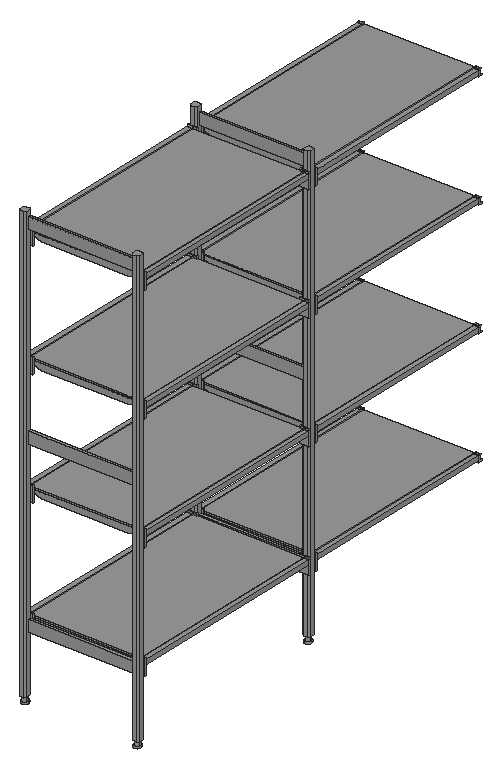
Revit family "QF_ZANUSSI_137080_CLS1664", category Attrezzature speciali, Revit 2020
Family settings
  Quota connettore circolare = Usa diametro
  Tipo di parte = Normale
  Basato su piano di lavoro = No
  Sempre verticale = Sì
  Taglio con vuoti quando caricato = No
  Condiviso = No
  Punto di calcolo locali = No
Parameters (values of type "Standard")
  Weight = 31.00 kg
  Watts = 0 W
  Volts = 0 V
  URL Manufacturer = "http://www.zanussiprofessional.com"
  URL = "http://www.zanussiprofessional.com"
  Steam Supply Size = 0 mm
  Steam Supply Minimum Pressure = 0.0 Pa
  Steam Supply Maximum Pressure = 0.0 Pa
  Steam Consumption per Hour = 0
  Refrigeration Suction Line Size = 0.0 mm
  Refrigeration Liquid Line Size = 0.0 mm
  Refrigerant Compressor Remote = yes
  Prospetto di default = 0.0 mm
  Phase = 0
  Modello = "CLS1664"
  Produttore = "Zanussi"
  Length Actual = 1668.0 mm  # constant formula
  Item Number = "137080"
  Hot Water Size = 0 mm
  Height Actual = 1700.0 mm  # constant formula
  HP = "0 HP"
  Gas Size = 0 mm
  Gas KW = 0
  Gas Input Pressure = 0 W
  Direct Waste Size = 0 mm
  Descrizione = "ALUM.CORNER SHELV.-POLY.TIERS-475X1668MM"
  Depth Actual = 475.0 mm  # constant formula
  Cycle = 0 Hz
  Condensate Return Size = 0 mm
  Compressed Air Volume = 0.0 L/s
  Compressed Air Size = 0 mm
  Compressed Air Pressure = 0.0 Pa
  Cold Water Size = 0 mm
  Accessory = yes
Reference planes
  plane 1: z = 0
  plane 2 "CenterLeft": y = -535.5
  plane 3 "FRONT": y = -921.5
  plane 4 "LEFT": x = 192.5
  plane 5 "RIGHT": x = 667.5
  plane 6 "TOP": z = 1700
  plane 7: y = -889.5
  plane 8: y = -91.5
  plane 9 "Center (Left/Back)": x = 430
  plane 10: x = 256
  plane 11: x = 668
  plane 12 "FEET": z = 25
  plane 13: z = 275
  plane 14: z = 725
  plane 15: z = 1175
  plane 16: z = 1625
  plane 17 "CXLeft": y = -907.5
  plane 18 "Center (Front/Back)": y = -73.5
  plane 19 "CYFront": x = 510
  plane 20: y = 742.5
  plane 21: y = -55.5
  plane 22 "BACK": y = 746.5
  plane 23 "LEFT_ORIGIN": x = 158.5
  plane 24 "BACK_ORIGIN": y = 1221.5
Forms (mm)
  Extrusion 1, solid, material "QF_Aluminum"
    sketch origin (38.022, -921.5, -4.006) x (-1, 0, 0) y (0, 0, 1)
      loop
        line (-189.5, 1637.003) -> (-173.5, 1637.003) -> (-173.5, 1655) -> (-175.493, 1655) -> (-175.493, 1648.501) -> (-608.5, 1648.501) -> (-608.5, 1655) -> (-610.5, 1655) -> (-610.5, 1637.003) -> (-594.5, 1637.003) -> (-560.5, 1625) -> (-223.5, 1625) -> (-189.5, 1637.003)
      loop
        line (-189.5, 1187.003) -> (-173.5, 1187.003) -> (-173.5, 1205) -> (-175.493, 1205) -> (-175.493, 1198.501) -> (-608.5, 1198.501) -> (-608.5, 1205) -> (-610.5, 1205) -> (-610.5, 1187.003) -> (-594.5, 1187.003) -> (-560.5, 1175) -> (-223.5, 1175) -> (-189.5, 1187.003)
      loop
        line (-189.5, 737.003) -> (-173.5, 737.003) -> (-173.5, 755) -> (-175.493, 755) -> (-175.493, 748.501) -> (-608.5, 748.501) -> (-608.5, 755) -> (-610.5, 755) -> (-610.5, 737.003) -> (-594.5, 737.003) -> (-560.5, 725) -> (-223.5, 725) -> (-189.5, 737.003)
      loop
        line (-189.5, 287.003) -> (-173.5, 287.003) -> (-173.5, 305) -> (-175.493, 305) -> (-175.493, 298.501) -> (-608.5, 298.501) -> (-608.5, 305) -> (-610.5, 305) -> (-610.5, 287.003) -> (-594.5, 287.003) -> (-560.5, 275) -> (-223.5, 275) -> (-189.5, 287.003)
    from 37 to 32
  Extrusion 2, solid, material "QF_Aluminum"
    sketch origin (38.022, -921.5, 0) x (-1, 0, 0) y (0, 0, 1)
      loop
        line (-154.478, 246.005) -> (-154.478, 307.993) -> (-190.471, 307.993) -> (-190.471, 246.005) -> (-154.478, 246.005)
      loop
        line (-593.484, 246.005) -> (-593.484, 307.993) -> (-629.478, 307.993) -> (-629.478, 246.005) -> (-593.484, 246.005)
      loop
        line (-154.478, 696.005) -> (-154.478, 757.993) -> (-190.471, 757.993) -> (-190.471, 696.005) -> (-154.478, 696.005)
      loop
        line (-593.484, 696.005) -> (-593.484, 757.993) -> (-629.478, 757.993) -> (-629.478, 696.005) -> (-593.484, 696.005)
      loop
        line (-154.478, 1146.005) -> (-154.478, 1207.993) -> (-190.471, 1207.993) -> (-190.471, 1146.005) -> (-154.478, 1146.005)
      loop
        line (-593.484, 1146.005) -> (-593.484, 1207.993) -> (-629.478, 1207.993) -> (-629.478, 1146.005) -> (-593.484, 1146.005)
      loop
        line (-154.478, 1596.005) -> (-154.478, 1657.993) -> (-190.471, 1657.993) -> (-190.471, 1596.005) -> (-154.478, 1596.005)
      loop
        line (-593.484, 1596.005) -> (-593.484, 1657.993) -> (-629.478, 1657.993) -> (-629.478, 1596.005) -> (-593.484, 1596.005)
    from 28 to 32
  Extrusion 3, solid, material "QF_Aluminum"
    sketch origin (38.022, -921.5, 0) x (-1, 0, 0) y (0, 0, 1)
      loop
        line (-154.5, 1650.994) -> (-173.5, 1650.994) -> (-173.5, 1632.998) -> (-154.5, 1632.998) -> (-154.5, 1650.994)
      loop
        line (-154.5, 1200.994) -> (-173.5, 1200.994) -> (-173.5, 1182.998) -> (-154.5, 1182.998) -> (-154.5, 1200.994)
      loop
        line (-154.5, 750.994) -> (-173.5, 750.994) -> (-173.5, 732.998) -> (-154.5, 732.998) -> (-154.5, 750.994)
      loop
        line (-154.5, 300.994) -> (-173.5, 300.994) -> (-173.5, 282.998) -> (-154.5, 282.998) -> (-154.5, 300.994)
      loop
        line (-629.455, 1650.994) -> (-629.455, 1632.998) -> (-610.455, 1632.998) -> (-610.455, 1650.994) -> (-629.455, 1650.994)
      loop
        line (-629.455, 1200.994) -> (-629.455, 1182.998) -> (-610.455, 1182.998) -> (-610.455, 1200.994) -> (-629.455, 1200.994)
      loop
        line (-629.455, 750.994) -> (-629.455, 732.998) -> (-610.455, 732.998) -> (-610.455, 750.994) -> (-629.455, 750.994)
      loop
        line (-629.455, 300.994) -> (-629.455, 282.998) -> (-610.455, 282.998) -> (-610.455, 300.994) -> (-629.455, 300.994)
    from 32 to 830
  Extrusion 4, solid, material "QF_Polyethylene"
    sketch origin (38.022, -921.5, 0) x (-1, 0, 0) y (0, 0, 1)
      loop
        line (-175.493, 1650.994) -> (-608.5, 1650.994) -> (-608.5, 1644.496) -> (-175.493, 1644.496) -> (-175.493, 1650.994)
      loop
        line (-175.493, 1200.994) -> (-608.5, 1200.994) -> (-608.5, 1194.496) -> (-175.493, 1194.496) -> (-175.493, 1200.994)
      loop
        line (-175.493, 750.994) -> (-608.5, 750.994) -> (-608.5, 744.496) -> (-175.493, 744.496) -> (-175.493, 750.994)
      loop
        line (-175.493, 300.994) -> (-608.5, 300.994) -> (-608.5, 294.496) -> (-175.493, 294.496) -> (-175.493, 300.994)
    from 32 to 830
  Extrusion 5, solid, material "QF_Aluminum"
    sketch origin (38.022, 684.5, 0) x (-1, 0, 0) y (0, 0, 1)
      loop
        line (-154.5, 1650.994) -> (-173.5, 1650.994) -> (-173.5, 1632.998) -> (-154.5, 1632.998) -> (-154.5, 1650.994)
      loop
        line (-610.455, 1650.994) -> (-629.455, 1650.994) -> (-629.455, 1632.998) -> (-610.455, 1632.998) -> (-610.455, 1650.994)
      loop
        line (-154.5, 1200.994) -> (-173.5, 1200.994) -> (-173.5, 1182.998) -> (-154.5, 1182.998) -> (-154.5, 1200.994)
      loop
        line (-610.455, 1200.994) -> (-629.455, 1200.994) -> (-629.455, 1182.998) -> (-610.455, 1182.998) -> (-610.455, 1200.994)
      loop
        line (-154.5, 750.994) -> (-173.5, 750.994) -> (-173.5, 732.998) -> (-154.5, 732.998) -> (-154.5, 750.994)
      loop
        line (-610.455, 750.994) -> (-629.455, 750.994) -> (-629.455, 732.998) -> (-610.455, 732.998) -> (-610.455, 750.994)
      loop
        line (-154.5, 300.994) -> (-173.5, 300.994) -> (-173.5, 282.998) -> (-154.5, 282.998) -> (-154.5, 300.994)
      loop
        line (-610.455, 300.994) -> (-629.455, 300.994) -> (-629.455, 282.998) -> (-610.455, 282.998) -> (-610.455, 300.994)
    from 58 to -740
  Extrusion 6, solid, material "QF_Polyethylene"
    sketch origin (38.022, 684.5, 0) x (-1, 0, 0) y (0, 0, 1)
      loop
        line (-175.493, 1650.994) -> (-608.5, 1650.994) -> (-608.5, 1644.496) -> (-175.493, 1644.496) -> (-175.493, 1650.994)
      loop
        line (-175.493, 1200.994) -> (-608.5, 1200.994) -> (-608.5, 1194.496) -> (-175.493, 1194.496) -> (-175.493, 1200.994)
      loop
        line (-175.493, 750.994) -> (-608.5, 750.994) -> (-608.5, 744.496) -> (-175.493, 744.496) -> (-175.493, 750.994)
      loop
        line (-175.493, 300.994) -> (-608.5, 300.994) -> (-608.5, 294.496) -> (-175.493, 294.496) -> (-175.493, 300.994)
    from 58 to -740
Lines and regions (mm)
  symbolic lines
    curve 1: line (256, -912.5, 1700) -> (668, -912.5, 1700)
    curve 2: line (668, -902.5, 1700) -> (256, -902.5, 1700)
    curve 3: line (192.5, -893.5, 1700) -> (192.5, -87.5, 1700)
    curve 4: line (667.5, -889.5, 1700) -> (667.5, -91.5, 1700)
    curve 5: line (192.5, -59.5, 1700) -> (192.5, 746.5, 1700)
    curve 6: line (667.5, -59.5, 1700) -> (667.5, 746.5, 1700)
    curve 7: line (648.478, -91.5, 1700) -> (648.478, -889.5, 1700)
    curve 8: line (211.522, -889.5, 1700) -> (211.522, -91.5, 1700)
    curve 9: line (211.522, -55.5, 1700) -> (211.522, 742.5, 1700)
    curve 10: line (648.478, 742.5, 1700) -> (648.478, -55.5, 1700)
Dimensions and locks
  plane 3 "FRONT" to plane 2 "CenterLeft" = 386.0 mm
  locked: plane 6 "TOP" to level at 1700
  locked: plane 7 to plane 8 at 798
  locked: plane 10 to plane 11 at 412
  plane 10 to plane 9 "Center (Left/Back)" to plane 11 = 174.0 mm, 238.0 mm
  equal spacing: plane 4 "LEFT", plane 9 "Center (Left/Back)", plane 5 "RIGHT"
  plane 12 "FEET" to level = 25.0 mm
  plane 6 "TOP" to plane 12 "FEET" = 1675.0 mm
  plane 13 to plane 12 "FEET" = 250.0 mm
  plane 14 to plane 13 = 450.0 mm
  plane 15 to plane 14 = 450.0 mm
  plane 16 to plane 15 = 450.0 mm
  locked: plane 21 to plane 20 at 798
  locked: plane 8 to plane 18 "Center (Front/Back)" at 18
  locked: plane 18 "Center (Front/Back)" to plane 21 at 18
  locked: plane 3 "FRONT" to plane 7 at 32
  locked: plane 4 "LEFT" to plane 5 "RIGHT" at 475
  locked: plane 23 "LEFT_ORIGIN" to plane 5 "RIGHT" at 509
  locked: plane 22 "BACK" to plane 24 "BACK_ORIGIN" at 475
  locked: plane 22 "BACK" to plane 3 "FRONT" at 1668
  aligned and locked: level to plane 1
  aligned and locked: Extrusion 1 to plane 7
  aligned and locked: plane 7 to Extrusion 2
  aligned and locked: Extrusion 4 to plane 7
  aligned and locked: plane 8 to Extrusion 4
  aligned and locked: Extrusion 3 to plane 7
  aligned and locked: plane 8 to Extrusion 3
  aligned and locked: Extrusion 1 sketch curve to Extrusion 1 sketch curve  (x3)
  aligned and locked: Extrusion 5 sketch curve to Extrusion 5 sketch curve  (x2)
  aligned and locked: Extrusion 5 to plane 21  (x5)
  aligned and locked: Extrusion 6 to plane 21  (x5)
  aligned and locked: nested 2 to plane 18 "Center (Front/Back)"
  aligned and locked: plane 17 "CXLeft" to nested 1
  aligned and locked: plane 7 to Extrusion 3  (x3)
  aligned and locked: Extrusion 3 to plane 8  (x4)
  aligned and locked: Extrusion 4 to plane 8  (x4)
  aligned and locked: plane 20 to Extrusion 5
  aligned and locked: plane 20 to Extrusion 6
  aligned and locked: Extrusion 5 to plane 20  (x3)
  aligned and locked: Extrusion 6 to plane 20  (x3)
  aligned and locked: plane 9 "Center (Left/Back)" to nested 2
  aligned and locked: nested 3 to plane 22 "BACK"
Automatic sketch dimensions
  Extrusion 1 sketch curve to plane 19 "CYFront" = 138.522 mm  (x4)
  plane 11 to Extrusion 1 sketch curve = 35.478 mm  (x4)
  Extrusion 1 sketch curve to plane 13 = 4.006 mm
  Extrusion 1 sketch curve to Extrusion 1 sketch curve = 34.0 mm  (x4)
  Extrusion 1 sketch curve to plane 14 = 4.006 mm
  Extrusion 1 sketch curve to plane 15 = 4.006 mm
  Extrusion 1 sketch curve to plane 16 = 4.006 mm
  Extrusion 1 sketch curve to plane 10 = 5.522 mm  (x4)
  plane 10 to Extrusion 1 sketch curve = 28.478 mm  (x4)
  plane 13 to Extrusion 1 sketch curve = 7.998 mm  (x2)
  Extrusion 1 sketch curve to Extrusion 1 sketch curve = 11.498 mm  (x4)
  Extrusion 1 sketch curve to Extrusion 1 sketch curve = 6.499 mm  (x8)
  plane 14 to Extrusion 1 sketch curve = 7.998 mm  (x2)
  plane 15 to Extrusion 1 sketch curve = 7.998 mm  (x2)
  plane 16 to Extrusion 1 sketch curve = 7.998 mm  (x2)
  plane 5 "RIGHT" to Extrusion 2 sketch curve = 35.993 mm  (x4)
  Extrusion 2 sketch curve to plane 4 "LEFT" = 0.0 mm  (x4)
  plane 11 to Extrusion 2 sketch curve = 0.5 mm  (x4)
  plane 10 to Extrusion 2 sketch curve = 27.507 mm  (x4)
  Extrusion 2 sketch curve to plane 13 = 28.995 mm  (x2)
  plane 13 to Extrusion 2 sketch curve = 32.993 mm  (x2)
  Extrusion 2 sketch curve to plane 14 = 28.995 mm  (x2)
  plane 14 to Extrusion 2 sketch curve = 32.993 mm  (x2)
  Extrusion 2 sketch curve to plane 15 = 28.995 mm  (x2)
  plane 15 to Extrusion 2 sketch curve = 32.993 mm  (x2)
  Extrusion 2 sketch curve to plane 16 = 28.995 mm  (x2)
  plane 16 to Extrusion 2 sketch curve = 32.993 mm  (x2)
  plane 13 to Extrusion 4 sketch curve = 19.496 mm
  Extrusion 4 sketch curve to Extrusion 4 sketch curve = 6.499 mm  (x4)
  plane 14 to Extrusion 4 sketch curve = 19.496 mm
  plane 15 to Extrusion 4 sketch curve = 19.496 mm
  plane 16 to Extrusion 4 sketch curve = 19.496 mm
  plane 5 "RIGHT" to Extrusion 5 sketch curve = 0.022 mm  (x4)
  Extrusion 5 sketch curve to plane 4 "LEFT" = 19.022 mm  (x4)
  Extrusion 5 sketch curve to plane 19 "CYFront" = 138.478 mm  (x2)
  plane 13 to Extrusion 5 sketch curve = 7.998 mm  (x2)
  Extrusion 5 sketch curve to Extrusion 5 sketch curve = 17.997 mm  (x8)
  plane 14 to Extrusion 5 sketch curve = 7.998 mm  (x2)
  plane 15 to Extrusion 5 sketch curve = 7.998 mm  (x2)
  plane 16 to Extrusion 5 sketch curve = 7.998 mm  (x2)
  Extrusion 6 sketch curve to plane 19 "CYFront" = 136.522 mm  (x4)
  plane 13 to Extrusion 6 sketch curve = 19.496 mm
  Extrusion 6 sketch curve to Extrusion 6 sketch curve = 6.499 mm  (x4)
  plane 14 to Extrusion 6 sketch curve = 19.496 mm
  plane 15 to Extrusion 6 sketch curve = 19.496 mm
  plane 16 to Extrusion 6 sketch curve = 19.496 mm
  plane 5 "RIGHT" to Extrusion 3 sketch curve = 0.022 mm  (x4)
  Extrusion 3 sketch curve to Extrusion 3 sketch curve = 19.0 mm  (x4)
  plane 14 to Extrusion 3 sketch curve = 7.998 mm  (x2)
  plane 10 to Extrusion 3 sketch curve = 44.478 mm  (x4)
  Extrusion 3 sketch curve to plane 4 "LEFT" = 0.022 mm  (x4)
  plane 13 to Extrusion 3 sketch curve = 25.994 mm  (x2)
  plane 13 to Extrusion 3 sketch curve = 7.998 mm  (x2)
  Extrusion 3 sketch curve to Extrusion 3 sketch curve = 17.997 mm  (x6)
  plane 15 to Extrusion 3 sketch curve = 7.998 mm  (x2)
  plane 16 to Extrusion 3 sketch curve = 7.998 mm  (x2)
  plane 10 to Extrusion 1 sketch curve = 42.484 mm  (x4)
  plane 10 to Extrusion 1 sketch curve = 44.478 mm  (x2)
  Extrusion 1 sketch curve to Extrusion 1 sketch curve = 1.993 mm  (x2)
  plane 10 to Extrusion 4 sketch curve = 42.484 mm  (x4)
  Extrusion 5 sketch curve to plane 4 "LEFT" = 0.022 mm  (x4)
  plane 10 to Extrusion 6 sketch curve = 42.484 mm  (x4)
  Extrusion 1 sketch curve to Extrusion 1 sketch curve = 2.0 mm
  plane 5 "RIGHT" to Extrusion 4 sketch curve = 20.978 mm  (x4)
  curve 1 to plane 11 = 0.0 mm
  curve 1 to plane 10 = 0.0 mm
  curve 2 to plane 10 = 0.0 mm
  curve 2 to plane 11 = 0.0 mm
  curve 3 to plane 4 "LEFT" = 0.0 mm
  curve 4 to plane 5 "RIGHT" = 0.0 mm
  plane 7 to curve 4 = 0.0 mm
  plane 7 to curve 8 = 0.0 mm
  plane 8 to curve 8 = 0.0 mm
  plane 8 to curve 7 = 0.0 mm
  plane 8 to curve 4 = 0.0 mm
  curve 5 to plane 4 "LEFT" = 0.0 mm
  curve 6 to plane 5 "RIGHT" = 0.0 mm
  plane 20 to curve 9 = 0.0 mm
  plane 22 "BACK" to curve 5 = 0.0 mm
  plane 22 "BACK" to curve 6 = 0.0 mm
  plane 7 to curve 3 = 4.0 mm
  plane 17 "CXLeft" to curve 2 = 5.0 mm
  curve 1 to plane 17 "CXLeft" = 5.0 mm
  curve 3 to plane 8 = 4.0 mm
  curve 6 to plane 21 = 4.0 mm
  curve 9 to plane 4 "LEFT" = 19.022 mm
  curve 8 to plane 4 "LEFT" = 19.022 mm
  curve 9 to plane 21 = 0.0 mm
  plane 21 to curve 10 = 0.0 mm
  curve 5 to plane 21 = 4.0 mm
  plane 7 to curve 7 = 0.0 mm
  curve 4 to curve 7 = 19.022 mm
  plane 20 to curve 10 = 0.0 mm
  plane 5 "RIGHT" to curve 10 = 19.022 mm
Nested families
  nested 1: "WT_Anta475" at (215.5, -504.5, 0) x (0, 1, 0) z (0, 0, 1), type "WT_Anta475"
  nested 2: "WT_Anta475Center" at (215.5, 329.5, 0) x (0, 1, 0) z (0, 0, 1), type "WT_Anta475Center"
  nested 3: "WT_Aggancio475" at (215.5, 1154.5, 0) x (0, 1, 0) z (0, 0, 1), type "WT_Aggancio475"
Definition of nested family "WT_Anta475"
  Parameters
    WidthLeft = A + 64.0 mm  # 772.0 mm
    Width = 1606.0 mm
    Right = WidthLeft / 2  # 386.0 mm
    Default Elevation = 0.0 mm
    Left = -WidthLeft / 2  # -386.0 mm
    Height = 1725.0 mm
    FEET = 25.0 mm
    E = 0.0 mm
    Dint = Depth - 63.0 mm  # 412.0 mm
    Dext = Depth - 8.0 mm  # 467.0 mm
    Depth = 475.0 mm
    DX = (WidthLeft - A) / 2  # 32.0 mm
    B = 798.0 mm
    A = 708.0 mm
  Reference planes
    plane 1: z = 0
    plane 2 "LEFT": x = -417
    plane 3 "BACK": y = 23
    plane 4 "FRONT": y = -452
    plane 5 "TOP": z = 1725
    plane 6 "Center (Front/Back)": y = -214.5
    plane 7: y = -8.5
    plane 8: y = -420.5
    plane 9 "FEET": z = 25
    plane 10: z = 275
    plane 11: z = 725
    plane 12: z = 1175
    plane 13: z = 1625
    plane 14 "CXLeft": x = -403
    plane 15: y = 5.5
    plane 16 "CYBack": y = 5.5
    plane 17 "CYFront": y = -434.5
    plane 18: x = -385.031
    plane 19: x = -380.031
  Forms (mm)
    Extrusion 1, solid
      sketch origin (0, 0, 0) x (1, 0, 0) y (0, 1, 0)
        loop
          line (-417, 13.246) -> (-417, -2.246) -> (-410.746, -8.5) -> (-395.254, -8.5) -> (-389, -2.246) -> (-389, 13.246) -> (-395.254, 19.5) -> (-410.746, 19.5) -> (-417, 13.246)
      from 1725 to 25
    Extrusion 2, solid
      sketch origin (-417, 0, 0) x (0, 1, 0) y (0, 0, 1)
        loop
          line (23, 246.005) -> (23, 307.993) -> (-12.993, 307.993) -> (-12.993, 246.005) -> (23, 246.005)
        loop
          line (-452, 246.005) -> (-416.007, 246.005) -> (-416.007, 307.993) -> (-452, 307.993) -> (-452, 246.005)
        loop
          line (23, 696.005) -> (23, 757.993) -> (-12.993, 757.993) -> (-12.993, 696.005) -> (23, 696.005)
        loop
          line (-452, 696.005) -> (-416.007, 696.005) -> (-416.007, 757.993) -> (-452, 757.993) -> (-452, 696.005)
        loop
          line (23, 1146.005) -> (23, 1207.993) -> (-12.993, 1207.993) -> (-12.993, 1146.005) -> (23, 1146.005)
        loop
          line (-452, 1146.005) -> (-416.007, 1146.005) -> (-416.007, 1207.993) -> (-452, 1207.993) -> (-452, 1146.005)
        loop
          line (23, 1596.005) -> (23, 1657.993) -> (-12.993, 1657.993) -> (-12.993, 1596.005) -> (23, 1596.005)
        loop
          line (-452, 1596.005) -> (-416.007, 1596.005) -> (-416.007, 1657.993) -> (-452, 1657.993) -> (-452, 1596.005)
      from 28 to 32
    Revolve 3, solid
      sketch origin (-403, 0, 0) x (0, 1, 0) y (0, 0, 1)
        loop
          line (5.5, 25) -> (5.5, 0) -> (19, 0) -> (19, 5) -> (14, 5) -> (14, 25) -> (5.5, 25)
        axis (5.5, 25) -> (5.5, 0)
      angle from 0 to 360
    Extrusion 4, solid
      sketch origin (-403, 0, 0) x (0, 1, 0) y (0, 0, 1)
        loop
          line (-8.5, 912.382) -> (-8.5, 957.374) -> (-420.5, 957.374) -> (-420.5, 912.382) -> (-8.5, 912.382)
        loop
          line (-8.5, 1662.244) -> (-8.5, 1707.236) -> (-420.5, 1707.236) -> (-420.5, 1662.244) -> (-8.5, 1662.244)
      from -5 to 5
    Revolve 5, solid
      sketch origin (-403, -627, 0) x (0, -1, 0) y (0, 0, 1)
        loop
          line (-192.5, 25) -> (-192.5, 0) -> (-179, 0) -> (-179, 5) -> (-184, 5) -> (-184, 25) -> (-192.5, 25)
        axis (-192.5, 25) -> (-192.5, 0)
      angle from 0 to 360
    Extrusion 6, solid
      sketch origin (0, -627, 0) x (1, 0, 0) y (0, 1, 0)
        loop
          line (-417, 184.754) -> (-410.746, 178.5) -> (-395.254, 178.5) -> (-389, 184.754) -> (-389, 200.246) -> (-395.254, 206.5) -> (-410.746, 206.5) -> (-417, 200.246) -> (-417, 184.754)
      from 1725 to 25
    Extrusion 7, solid
      sketch origin (-417.031, -0.022, 0) x (0, 1, 0) y (0, 0, -1)
        loop
          line (-12, -1632.998) -> (-46, -1620.994) -> (-383, -1620.994) -> (-417, -1632.998) -> (-433, -1632.998) -> (-433, -1650.994) -> (-431, -1650.994) -> (-431, -1644.496) -> (2.007, -1644.496) -> (2.007, -1650.994) -> (4, -1650.994) -> (4, -1632.998) -> (-12, -1632.998)
        loop
          line (-12, -1182.998) -> (-46, -1170.994) -> (-383, -1170.994) -> (-417, -1182.998) -> (-433, -1182.998) -> (-433, -1200.994) -> (-431, -1200.994) -> (-431, -1194.496) -> (2.007, -1194.496) -> (2.007, -1200.994) -> (4, -1200.994) -> (4, -1182.998) -> (-12, -1182.998)
        loop
          line (-12, -732.998) -> (-46, -720.994) -> (-383, -720.994) -> (-417, -732.998) -> (-433, -732.998) -> (-433, -750.994) -> (-431, -750.994) -> (-431, -744.496) -> (2.007, -744.496) -> (2.007, -750.994) -> (4, -750.994) -> (4, -732.998) -> (-12, -732.998)
        loop
          line (-12, -282.998) -> (-46, -270.994) -> (-383, -270.994) -> (-417, -282.998) -> (-433, -282.998) -> (-433, -300.994) -> (-431, -300.994) -> (-431, -294.496) -> (2.007, -294.496) -> (2.007, -300.994) -> (4, -300.994) -> (4, -282.998) -> (-12, -282.998)
      from -32 to -37
    Extrusion 8, solid
      sketch origin (-403, 0, -659.878) x (0, 1, 0) y (0, 0, 1)
        loop
          line (-8.5, 912.382) -> (-8.5, 957.374) -> (-420.5, 957.374) -> (-420.5, 912.382) -> (-8.5, 912.382)
        loop
          line (-8.5, 1572.382) -> (-8.5, 1617.374) -> (-420.5, 1617.374) -> (-420.5, 1572.382) -> (-8.5, 1572.382)
        loop
          line (-8.5, 2322.382) -> (-8.5, 2367.374) -> (-420.5, 2367.374) -> (-420.5, 2322.382) -> (-8.5, 2322.382)
      from -5 to 5
  Lines and regions (mm)
    symbolic lines
      curve 1: line (-408, -8.5, 1725) -> (-408, -420.5, 1725)
      curve 2: line (-398, -420.5, 1725) -> (-398, -8.5, 1725)
      curve 3: line (-395.254, -8.5, 1725) -> (-410.746, -8.5, 1725)
      curve 4: line (-417, -2.246, 1725) -> (-410.746, -8.5, 1725)
      curve 5: line (-417, 13.246, 1725) -> (-417, -2.246, 1725)
      curve 6: line (-410.746, 19.5, 1725) -> (-417, 13.246, 1725)
      curve 7: line (-395.254, 19.5, 1725) -> (-410.746, 19.5, 1725)
      curve 8: line (-389, 13.246, 1725) -> (-395.254, 19.5, 1725)
      curve 9: line (-395.254, -8.5, 1725) -> (-389, -2.246, 1725)
      curve 10: line (-395.254, -420.5, 1725) -> (-410.746, -420.5, 1725)
      curve 11: line (-417, -426.754, 1725) -> (-410.746, -420.5, 1725)
      curve 12: line (-410.746, -448.5, 1725) -> (-417, -442.246, 1725)
      curve 13: line (-395.254, -448.5, 1725) -> (-410.746, -448.5, 1725)
      curve 14: line (-389, -442.246, 1725) -> (-395.254, -448.5, 1725)
      curve 15: line (-395.254, -420.5, 1725) -> (-389, -426.754, 1725)
      curve 16: line (-389, -452, 1725) -> (-389, -416.007, 1725)
      curve 17: line (-389, -416.007, 1725) -> (-385, -416.007, 1725)
      curve 18: line (-389, 23, 1725) -> (-389, -12.993, 1725)
      curve 19: line (-389, -12.993, 1725) -> (-385, -12.993, 1725)
      curve 20: line (-417, -426.754, 1725) -> (-417, -442.246, 1725)
      curve 21: line (-385, -452, 1725) -> (-385, -416.007, 1725)
      curve 22: line (-385, -452, 1725) -> (-389, -452, 1725)
      curve 23: line (-385, 23, 1725) -> (-389, 23, 1725)
      curve 24: line (-385, -12.993, 1725) -> (-385, 23, 1725)
      curve 25: line (-385.031, -13.016, 1725) -> (-385.031, -416.029, 1725)
  Dimensions and locks
    "Height": plane 5 "TOP" to level
    "Depth": plane 3 "BACK" to plane 4 "FRONT"
    "Dint": plane 7 to plane 8
    equal spacing: plane 7, plane 6 "Center (Front/Back)", plane 8
    equal spacing: plane 3 "BACK", plane 6 "Center (Front/Back)", plane 4 "FRONT"
    plane 9 "FEET" to level = 25.0 mm
    plane 5 "TOP" to plane 9 "FEET" = 1700.0 mm
    plane 10 to plane 9 "FEET" = 250.0 mm
    plane 11 to plane 10 = 450.0 mm
    plane 12 to plane 11 = 450.0 mm
    plane 13 to plane 12 = 450.0 mm
    locked: plane 2 "LEFT" to plane 14 "CXLeft" at 14
    locked: plane 3 "BACK" to plane 16 "CYBack" at 17.5
    locked: plane 17 "CYFront" to plane 4 "FRONT" at 17.5
    locked: Revolve 3 sketch curve to Revolve 3 sketch curve at 8.5
    locked: Revolve 3 sketch curve to plane 16 "CYBack" at 13.5
    locked: Revolve 5 sketch curve to Revolve 5 sketch curve at 8.5
    aligned and locked: level to plane 1
    aligned and locked: curve 20 to Extrusion 6
    aligned and locked: plane 5 "TOP" to Extrusion 1
    aligned and locked: plane 5 "TOP" to Extrusion 6
    aligned and locked: Extrusion 7 sketch curve to Extrusion 7 sketch curve  (x3)
  Automatic sketch dimensions
    curve 16 to plane 4 "FRONT" = 0.0 mm
    curve 11 to plane 8 = 0.0 mm
    curve 9 to plane 7 = 0.0 mm
    curve 5 to plane 2 "LEFT" = 0.0 mm
    curve 23 to plane 3 "BACK" = 0.0 mm
    plane 4 "FRONT" to curve 13 = 3.5 mm
    curve 20 to plane 17 "CYFront" = 7.746 mm
    curve 20 to plane 8 = 6.254 mm
    plane 8 to curve 16 = 4.493 mm
    curve 24 to plane 18 = 0.031 mm
    curve 24 to plane 7 = 4.493 mm
    plane 7 to curve 5 = 6.254 mm
    curve 5 to plane 15 = 7.746 mm
    curve 6 to plane 3 "BACK" = 3.5 mm
    curve 21 to plane 18 = 0.031 mm
    plane 18 to curve 23 = 3.969 mm
    plane 18 to curve 16 = 3.969 mm
    curve 18 to curve 8 = 6.254 mm
    curve 18 to curve 3 = 6.254 mm
    curve 16 to curve 13 = 6.254 mm
    curve 16 to curve 15 = 6.254 mm
    plane 2 "LEFT" to curve 10 = 6.254 mm
    plane 2 "LEFT" to curve 7 = 6.254 mm
    plane 2 "LEFT" to curve 12 = 6.254 mm
    plane 2 "LEFT" to curve 3 = 6.254 mm
    curve 14 to plane 17 "CYFront" = 7.746 mm
    curve 15 to plane 8 = 6.254 mm
    plane 7 to curve 9 = 6.254 mm
    curve 8 to plane 15 = 7.746 mm
    curve 3 to curve 2 = 2.746 mm
    curve 1 to curve 10 = 2.746 mm
    Extrusion 1 sketch curve to plane 2 "LEFT" = 0.0 mm
    Extrusion 1 sketch curve to plane 7 = 0.0 mm
    plane 2 "LEFT" to Extrusion 1 sketch curve = 6.254 mm  (x2)
    plane 14 "CXLeft" to Extrusion 1 sketch curve = 7.746 mm  (x2)
    Extrusion 1 sketch curve to plane 3 "BACK" = 3.5 mm
    plane 18 to Extrusion 1 sketch curve = 3.969 mm
    plane 7 to Extrusion 1 sketch curve = 6.254 mm  (x2)
    Extrusion 1 sketch curve to plane 15 = 7.746 mm  (x2)
    Extrusion 2 sketch curve to plane 4 "FRONT" = 0.0 mm  (x4)
    Extrusion 2 sketch curve to plane 3 "BACK" = 0.0 mm  (x4)
    plane 8 to Extrusion 2 sketch curve = 4.493 mm  (x4)
    Extrusion 2 sketch curve to plane 7 = 4.493 mm  (x4)
    Extrusion 2 sketch curve to plane 10 = 28.995 mm  (x2)
    plane 10 to Extrusion 2 sketch curve = 32.993 mm  (x2)
    Extrusion 2 sketch curve to plane 11 = 28.995 mm  (x2)
    plane 11 to Extrusion 2 sketch curve = 32.993 mm  (x2)
    Extrusion 2 sketch curve to plane 12 = 28.995 mm  (x2)
    plane 12 to Extrusion 2 sketch curve = 32.993 mm  (x2)
    Extrusion 2 sketch curve to plane 13 = 28.995 mm  (x2)
    plane 13 to Extrusion 2 sketch curve = 32.993 mm  (x2)
    Revolve 3 sketch curve to plane 9 "FEET" = 0.0 mm  (x2)
    Revolve 3 sketch curve to plane 15 = 0.0 mm  (x2)
    Revolve 3 sketch curve to level = 0.0 mm
    level to Revolve 3 sketch curve = 5.0 mm
    Revolve 3 sketch curve to Revolve 3 sketch curve = 11.655 mm
    Extrusion 4 sketch curve to plane 8 = 0.0 mm  (x2)
    Extrusion 4 sketch curve to plane 7 = 0.0 mm  (x2)
    plane 11 to Extrusion 4 sketch curve = 187.382 mm
    Extrusion 4 sketch curve to Extrusion 4 sketch curve = 44.992 mm
    plane 13 to Extrusion 4 sketch curve = 37.244 mm
    Extrusion 4 sketch curve to plane 5 "TOP" = 17.764 mm
    Revolve 5 sketch curve to plane 9 "FEET" = 0.0 mm  (x2)
    Revolve 5 sketch curve to plane 17 "CYFront" = 0.0 mm  (x2)
    Revolve 5 sketch curve to level = 0.0 mm
    Revolve 5 sketch curve to plane 4 "FRONT" = 4.0 mm
    Revolve 5 sketch curve to Revolve 5 sketch curve = 5.0 mm
    level to Revolve 5 sketch curve = 11.655 mm
    Extrusion 6 sketch curve to plane 2 "LEFT" = 0.0 mm
    Extrusion 6 sketch curve to plane 8 = 0.0 mm
    Extrusion 6 sketch curve to plane 2 "LEFT" = 6.254 mm  (x2)
    Extrusion 6 sketch curve to plane 14 "CXLeft" = 7.746 mm  (x2)
    Extrusion 6 sketch curve to plane 4 "FRONT" = 3.5 mm
    Extrusion 6 sketch curve to plane 18 = 3.969 mm
    plane 8 to Extrusion 6 sketch curve = 6.254 mm  (x2)
    plane 17 "CYFront" to Extrusion 6 sketch curve = 7.746 mm  (x2)
    plane 17 "CYFront" to Extrusion 7 sketch curve = 1.478 mm  (x4)
    Extrusion 7 sketch curve to Extrusion 7 sketch curve = 2.0 mm
    plane 8 to Extrusion 7 sketch curve = 3.478 mm  (x4)
    Extrusion 7 sketch curve to plane 10 = 4.006 mm
    Extrusion 7 sketch curve to Extrusion 7 sketch curve = 34.0 mm  (x4)
    Extrusion 7 sketch curve to plane 11 = 4.006 mm
    Extrusion 7 sketch curve to plane 12 = 4.006 mm
    Extrusion 7 sketch curve to plane 13 = 4.006 mm
    Extrusion 7 sketch curve to plane 7 = 37.522 mm  (x4)
    Extrusion 7 sketch curve to plane 7 = 3.522 mm  (x4)
    plane 15 to Extrusion 7 sketch curve = 3.516 mm  (x4)
    plane 15 to Extrusion 7 sketch curve = 1.522 mm  (x4)
    plane 13 to Extrusion 7 sketch curve = 7.998 mm  (x2)
    Extrusion 7 sketch curve to Extrusion 7 sketch curve = 11.498 mm
    Extrusion 7 sketch curve to Extrusion 7 sketch curve = 6.499 mm  (x5)
    plane 12 to Extrusion 7 sketch curve = 25.994 mm  (x2)
    plane 12 to Extrusion 7 sketch curve = 7.998 mm  (x2)
    plane 11 to Extrusion 7 sketch curve = 25.994 mm  (x2)
    plane 11 to Extrusion 7 sketch curve = 7.998 mm  (x2)
    plane 10 to Extrusion 7 sketch curve = 25.994 mm  (x2)
    plane 10 to Extrusion 7 sketch curve = 7.998 mm  (x2)
    curve 25 to plane 18 = 0.0 mm
    plane 8 to curve 25 = 4.471 mm
    curve 25 to plane 7 = 4.516 mm
    Extrusion 8 sketch curve to plane 8 = 0.0 mm  (x3)
    Extrusion 8 sketch curve to plane 7 = 0.0 mm  (x3)
    Extrusion 8 sketch curve to plane 10 = 22.496 mm
    plane 10 to Extrusion 8 sketch curve = 22.496 mm
    plane 11 to Extrusion 8 sketch curve = 187.504 mm
    Extrusion 8 sketch curve to Extrusion 8 sketch curve = 44.992 mm
    plane 13 to Extrusion 8 sketch curve = 37.504 mm
    Extrusion 8 sketch curve to plane 5 "TOP" = 17.504 mm
Definition of nested family "WT_Anta475Center"
  Parameters
    WidthLeft = A + 64.0 mm  # 772.0 mm
    Width = 1606.0 mm
    Right = WidthLeft / 2  # 386.0 mm
    Default Elevation = 0.0 mm
    Left = -WidthLeft / 2  # -386.0 mm
    Height = 1725.0 mm
    FEET = 25.0 mm
    E = 0.0 mm
    Dint = Depth - 63.0 mm  # 412.0 mm
    Dext = Depth - 8.0 mm  # 467.0 mm
    Depth = 475.0 mm
    DX = (WidthLeft - A) / 2  # 32.0 mm
    B = 798.0 mm
    A = 708.0 mm
  Reference planes
    plane 1: z = 0
    plane 2 "L": x = -417
    plane 3 "BACK": y = 23
    plane 4 "FRONT": y = -452
    plane 5 "TOP": z = 1725
    plane 6 "Center (Front/Back)": y = -214.5
    plane 7: y = -8.5
    plane 8: y = -420.5
    plane 9 "FEET": z = 25
    plane 10: z = 275
    plane 11: z = 725
    plane 12: z = 1175
    plane 13: z = 1625
    plane 14 "CXLeft": x = -403
    plane 15: y = 5.5
    plane 16 "CYBack": y = 5.5
    plane 17 "CYFront": y = -434.5
    plane 18: x = -385.031
    plane 19 "RIGHT": x = -380.031
    plane 20: x = -420.969
    plane 21 "LEFT": x = -425.969
  Forms (mm)
    Extrusion 1, solid
      sketch origin (0, 0, 0) x (1, 0, 0) y (0, 1, 0)
        loop
          line (-417, 13.246) -> (-417, -2.246) -> (-410.746, -8.5) -> (-395.254, -8.5) -> (-389, -2.246) -> (-389, 13.246) -> (-395.254, 19.5) -> (-410.746, 19.5) -> (-417, 13.246)
      from 1725 to 25
    Extrusion 2, solid
      sketch origin (-417, 0, 0) x (0, 1, 0) y (0, 0, 1)
        loop
          line (23, 246.005) -> (23, 307.993) -> (-12.993, 307.993) -> (-12.993, 246.005) -> (23, 246.005)
        loop
          line (-452, 246.005) -> (-416.007, 246.005) -> (-416.007, 307.993) -> (-452, 307.993) -> (-452, 246.005)
        loop
          line (23, 696.005) -> (23, 757.993) -> (-12.993, 757.993) -> (-12.993, 696.005) -> (23, 696.005)
        loop
          line (-452, 696.005) -> (-416.007, 696.005) -> (-416.007, 757.993) -> (-452, 757.993) -> (-452, 696.005)
        loop
          line (23, 1146.005) -> (23, 1207.993) -> (-12.993, 1207.993) -> (-12.993, 1146.005) -> (23, 1146.005)
        loop
          line (-452, 1146.005) -> (-416.007, 1146.005) -> (-416.007, 1207.993) -> (-452, 1207.993) -> (-452, 1146.005)
        loop
          line (23, 1596.005) -> (23, 1657.993) -> (-12.993, 1657.993) -> (-12.993, 1596.005) -> (23, 1596.005)
        loop
          line (-452, 1596.005) -> (-416.007, 1596.005) -> (-416.007, 1657.993) -> (-452, 1657.993) -> (-452, 1596.005)
      from 28 to 32
    Revolve 3, solid
      sketch origin (-403, 0, 0) x (0, 1, 0) y (0, 0, 1)
        loop
          line (5.5, 25) -> (5.5, 0) -> (19, 0) -> (19, 5) -> (14, 5) -> (14, 25) -> (5.5, 25)
        axis (5.5, 25) -> (5.5, 0)
      angle from 0 to 360
    Extrusion 4, solid
      sketch origin (-403, 0, 0) x (0, 1, 0) y (0, 0, 1)
        loop
          line (-8.5, 912.382) -> (-8.5, 957.374) -> (-420.5, 957.374) -> (-420.5, 912.382) -> (-8.5, 912.382)
        loop
          line (-8.5, 1662.244) -> (-8.5, 1707.236) -> (-420.5, 1707.236) -> (-420.5, 1662.244) -> (-8.5, 1662.244)
      from -5 to 5
    Revolve 5, solid
      sketch origin (-403, -627, 0) x (0, -1, 0) y (0, 0, 1)
        loop
          line (-192.5, 25) -> (-192.5, 0) -> (-179, 0) -> (-179, 5) -> (-184, 5) -> (-184, 25) -> (-192.5, 25)
        axis (-192.5, 25) -> (-192.5, 0)
      angle from 0 to 360
    Extrusion 6, solid
      sketch origin (0, -627, 0) x (1, 0, 0) y (0, 1, 0)
        loop
          line (-417, 184.754) -> (-410.746, 178.5) -> (-395.254, 178.5) -> (-389, 184.754) -> (-389, 200.246) -> (-395.254, 206.5) -> (-410.746, 206.5) -> (-417, 200.246) -> (-417, 184.754)
      from 1725 to 25
    Extrusion 7, solid
      sketch origin (-417.031, -0.022, 0) x (0, 1, 0) y (0, 0, -1)
        loop
          line (-12, -1632.998) -> (-46, -1620.994) -> (-383, -1620.994) -> (-417, -1632.998) -> (-433, -1632.998) -> (-433, -1650.994) -> (-431, -1650.994) -> (-431, -1644.496) -> (2.007, -1644.496) -> (2.007, -1650.994) -> (4, -1650.994) -> (4, -1632.998) -> (-12, -1632.998)
        loop
          line (-12, -1182.998) -> (-46, -1170.994) -> (-383, -1170.994) -> (-417, -1182.998) -> (-433, -1182.998) -> (-433, -1200.994) -> (-431, -1200.994) -> (-431, -1194.496) -> (2.007, -1194.496) -> (2.007, -1200.994) -> (4, -1200.994) -> (4, -1182.998) -> (-12, -1182.998)
        loop
          line (-12, -732.998) -> (-46, -720.994) -> (-383, -720.994) -> (-417, -732.998) -> (-433, -732.998) -> (-433, -750.994) -> (-431, -750.994) -> (-431, -744.496) -> (2.007, -744.496) -> (2.007, -750.994) -> (4, -750.994) -> (4, -732.998) -> (-12, -732.998)
        loop
          line (-12, -282.998) -> (-46, -270.994) -> (-383, -270.994) -> (-417, -282.998) -> (-433, -282.998) -> (-433, -300.994) -> (-431, -300.994) -> (-431, -294.496) -> (2.007, -294.496) -> (2.007, -300.994) -> (4, -300.994) -> (4, -282.998) -> (-12, -282.998)
      from -32 to -37
    Extrusion 8, solid
      sketch origin (-403, 0, -659.878) x (0, 1, 0) y (0, 0, 1)
        loop
          line (-8.5, 912.382) -> (-8.5, 957.374) -> (-420.5, 957.374) -> (-420.5, 912.382) -> (-8.5, 912.382)
        loop
          line (-8.5, 1572.382) -> (-8.5, 1617.374) -> (-420.5, 1617.374) -> (-420.5, 1572.382) -> (-8.5, 1572.382)
        loop
          line (-8.5, 2322.382) -> (-8.5, 2367.374) -> (-420.5, 2367.374) -> (-420.5, 2322.382) -> (-8.5, 2322.382)
      from -5 to 5
    Extrusion 9, solid
      sketch origin (-389, 0, 0) x (0, 1, 0) y (0, 0, -1)
        loop
          line (23, -246.005) -> (-12.993, -246.005) -> (-12.993, -307.993) -> (23, -307.993) -> (23, -246.005)
        loop
          line (-452, -246.005) -> (-452, -307.993) -> (-416.007, -307.993) -> (-416.007, -246.005) -> (-452, -246.005)
        loop
          line (23, -696.005) -> (-12.993, -696.005) -> (-12.993, -757.993) -> (23, -757.993) -> (23, -696.005)
        loop
          line (-452, -696.005) -> (-452, -757.993) -> (-416.007, -757.993) -> (-416.007, -696.005) -> (-452, -696.005)
        loop
          line (23, -1146.005) -> (-12.993, -1146.005) -> (-12.993, -1207.993) -> (23, -1207.993) -> (23, -1146.005)
        loop
          line (-452, -1146.005) -> (-452, -1207.993) -> (-416.007, -1207.993) -> (-416.007, -1146.005) -> (-452, -1146.005)
        loop
          line (23, -1596.005) -> (-12.993, -1596.005) -> (-12.993, -1657.993) -> (23, -1657.993) -> (23, -1596.005)
        loop
          line (-452, -1596.005) -> (-452, -1657.993) -> (-416.007, -1657.993) -> (-416.007, -1596.005) -> (-452, -1596.005)
      from 28 to 32
    Extrusion 10, solid
      sketch origin (-388.969, -0.022, 0) x (0, 1, 0) y (0, 0, 1)
        loop
          line (-12, 1632.998) -> (4, 1632.998) -> (4, 1650.994) -> (2.007, 1650.994) -> (2.007, 1644.496) -> (-431, 1644.496) -> (-431, 1650.994) -> (-433, 1650.994) -> (-433, 1632.998) -> (-417, 1632.998) -> (-383, 1620.994) -> (-46, 1620.994) -> (-12, 1632.998)
        loop
          line (-12, 1182.998) -> (4, 1182.998) -> (4, 1200.994) -> (2.007, 1200.994) -> (2.007, 1194.496) -> (-431, 1194.496) -> (-431, 1200.994) -> (-433, 1200.994) -> (-433, 1182.998) -> (-417, 1182.998) -> (-383, 1170.994) -> (-46, 1170.994) -> (-12, 1182.998)
        loop
          line (-12, 732.998) -> (4, 732.998) -> (4, 750.994) -> (2.007, 750.994) -> (2.007, 744.496) -> (-431, 744.496) -> (-431, 750.994) -> (-433, 750.994) -> (-433, 732.998) -> (-417, 732.998) -> (-383, 720.994) -> (-46, 720.994) -> (-12, 732.998)
        loop
          line (-12, 282.998) -> (4, 282.998) -> (4, 300.994) -> (2.007, 300.994) -> (2.007, 294.496) -> (-431, 294.496) -> (-431, 300.994) -> (-433, 300.994) -> (-433, 282.998) -> (-417, 282.998) -> (-383, 270.994) -> (-46, 270.994) -> (-12, 282.998)
      from -32 to -37
  Lines and regions (mm)
    symbolic lines
      curve 1: line (-408, -8.5, 1725) -> (-408, -420.5, 1725)
      curve 2: line (-398, -420.5, 1725) -> (-398, -8.5, 1725)
      curve 3: line (-395.254, -8.5, 1725) -> (-410.746, -8.5, 1725)
      curve 4: line (-417, -2.246, 1725) -> (-410.746, -8.5, 1725)
      curve 5: line (-410.746, 19.5, 1725) -> (-417, 13.246, 1725)
      curve 6: line (-395.254, 19.5, 1725) -> (-410.746, 19.5, 1725)
      curve 7: line (-389, 13.246, 1725) -> (-395.254, 19.5, 1725)
      curve 8: line (-395.254, -8.5, 1725) -> (-389, -2.246, 1725)
      curve 9: line (-395.254, -420.5, 1725) -> (-410.746, -420.5, 1725)
      curve 10: line (-417, -426.754, 1725) -> (-410.746, -420.5, 1725)
      curve 11: line (-410.746, -448.5, 1725) -> (-417, -442.246, 1725)
      curve 12: line (-395.254, -448.5, 1725) -> (-410.746, -448.5, 1725)
      curve 13: line (-389, -442.246, 1725) -> (-395.254, -448.5, 1725)
      curve 14: line (-395.254, -420.5, 1725) -> (-389, -426.754, 1725)
      curve 15: line (-389, -452, 1725) -> (-389, -416.007, 1725)
      curve 16: line (-389, -416.007, 1725) -> (-385, -416.007, 1725)
      curve 17: line (-389, 23, 1725) -> (-389, -12.993, 1725)
      curve 18: line (-389, -12.993, 1725) -> (-385, -12.993, 1725)
      curve 19: line (-385, -452, 1725) -> (-385, -416.007, 1725)
      curve 20: line (-385, -452, 1725) -> (-389, -452, 1725)
      curve 21: line (-385, 23, 1725) -> (-389, 23, 1725)
      curve 22: line (-385, -12.993, 1725) -> (-385, 23, 1725)
      curve 23: line (-385.031, -13.016, 1725) -> (-385.031, -416.029, 1725)
      curve 24: line (-417, -452, 1725) -> (-417, -416.007, 1725)
      curve 25: line (-417, -416.007, 1725) -> (-421, -416.007, 1725)
      curve 26: line (-417, 23, 1725) -> (-417, -12.993, 1725)
      curve 27: line (-417, -12.993, 1725) -> (-421, -12.993, 1725)
      curve 28: line (-421, -452, 1725) -> (-421, -416.007, 1725)
      curve 29: line (-421, -452, 1725) -> (-417, -452, 1725)
      curve 30: line (-421, 23, 1725) -> (-417, 23, 1725)
      curve 31: line (-421, -12.993, 1725) -> (-421, 23, 1725)
      curve 32: line (-420.969, -13.016, 1725) -> (-420.969, -416.029, 1725)
  Dimensions and locks
    "Height": plane 5 "TOP" to level
    "Depth": plane 3 "BACK" to plane 4 "FRONT"
    "Dint": plane 7 to plane 8
    equal spacing: plane 7, plane 6 "Center (Front/Back)", plane 8
    equal spacing: plane 3 "BACK", plane 6 "Center (Front/Back)", plane 4 "FRONT"
    plane 9 "FEET" to level = 25.0 mm
    plane 5 "TOP" to plane 9 "FEET" = 1700.0 mm
    plane 10 to plane 9 "FEET" = 250.0 mm
    plane 11 to plane 10 = 450.0 mm
    plane 12 to plane 11 = 450.0 mm
    plane 13 to plane 12 = 450.0 mm
    locked: plane 3 "BACK" to plane 16 "CYBack" at 17.5
    locked: plane 17 "CYFront" to plane 4 "FRONT" at 17.5
    locked: Revolve 3 sketch curve to Revolve 3 sketch curve at 8.5
    locked: Revolve 3 sketch curve to plane 16 "CYBack" at 13.5
    locked: Revolve 5 sketch curve to Revolve 5 sketch curve at 8.5
    aligned and locked: level to plane 1
    aligned and locked: plane 5 "TOP" to Extrusion 1
    aligned and locked: plane 5 "TOP" to Extrusion 6
    aligned and locked: Extrusion 7 sketch curve to Extrusion 7 sketch curve  (x3)
    aligned and locked: Extrusion 10 sketch curve to Extrusion 10 sketch curve  (x3)
  Automatic sketch dimensions
    curve 15 to plane 4 "FRONT" = 0.0 mm
    curve 28 to plane 4 "FRONT" = 0.0 mm
    curve 9 to plane 8 = 0.0 mm
    curve 25 to plane 2 "L" = 0.0 mm
    curve 8 to plane 7 = 0.0 mm
    curve 17 to plane 3 "BACK" = 0.0 mm
    curve 30 to plane 3 "BACK" = 0.0 mm
    plane 4 "FRONT" to curve 11 = 3.5 mm
    curve 19 to plane 18 = 0.031 mm
    plane 8 to curve 19 = 4.493 mm
    plane 8 to curve 25 = 4.493 mm
    curve 27 to plane 20 = 0.031 mm
    curve 27 to plane 7 = 4.493 mm
    curve 17 to plane 7 = 4.493 mm
    curve 5 to plane 15 = 7.746 mm
    curve 7 to plane 3 "BACK" = 3.5 mm
    curve 18 to plane 18 = 0.031 mm
    plane 18 to curve 21 = 3.969 mm
    plane 18 to curve 20 = 3.969 mm
    curve 15 to curve 9 = 6.254 mm
    curve 17 to curve 7 = 6.254 mm
    curve 17 to curve 3 = 6.254 mm
    curve 15 to curve 12 = 6.254 mm
    plane 2 "L" to curve 12 = 6.254 mm
    plane 2 "L" to curve 4 = 6.254 mm
    plane 2 "L" to curve 10 = 6.254 mm
    plane 2 "L" to curve 5 = 6.254 mm
    curve 28 to plane 20 = 0.031 mm
    curve 13 to plane 17 "CYFront" = 7.746 mm
    curve 14 to plane 8 = 6.254 mm
    plane 7 to curve 8 = 6.254 mm
    curve 7 to plane 15 = 7.746 mm
    curve 9 to curve 2 = 2.746 mm
    curve 1 to curve 9 = 2.746 mm
    Extrusion 1 sketch curve to plane 2 "L" = 0.0 mm
    Extrusion 1 sketch curve to plane 7 = 0.0 mm
    plane 2 "L" to Extrusion 1 sketch curve = 6.254 mm  (x2)
    plane 14 "CXLeft" to Extrusion 1 sketch curve = 7.746 mm  (x2)
    Extrusion 1 sketch curve to plane 3 "BACK" = 3.5 mm
    plane 18 to Extrusion 1 sketch curve = 3.969 mm
    plane 7 to Extrusion 1 sketch curve = 6.254 mm  (x2)
    Extrusion 1 sketch curve to plane 15 = 7.746 mm  (x2)
    Extrusion 2 sketch curve to plane 4 "FRONT" = 0.0 mm  (x4)
    Extrusion 2 sketch curve to plane 3 "BACK" = 0.0 mm  (x4)
    plane 8 to Extrusion 2 sketch curve = 4.493 mm  (x4)
    Extrusion 2 sketch curve to plane 7 = 4.493 mm  (x4)
    Extrusion 2 sketch curve to plane 10 = 28.995 mm  (x2)
    plane 10 to Extrusion 2 sketch curve = 32.993 mm  (x2)
    Extrusion 2 sketch curve to plane 11 = 28.995 mm  (x2)
    plane 11 to Extrusion 2 sketch curve = 32.993 mm  (x2)
    Extrusion 2 sketch curve to plane 12 = 28.995 mm  (x2)
    plane 12 to Extrusion 2 sketch curve = 32.993 mm  (x2)
    Extrusion 2 sketch curve to plane 13 = 28.995 mm  (x2)
    plane 13 to Extrusion 2 sketch curve = 32.993 mm  (x2)
    Revolve 3 sketch curve to plane 9 "FEET" = 0.0 mm  (x2)
    Revolve 3 sketch curve to plane 15 = 0.0 mm  (x2)
    Revolve 3 sketch curve to level = 0.0 mm
    level to Revolve 3 sketch curve = 5.0 mm
    Revolve 3 sketch curve to Revolve 3 sketch curve = 11.655 mm
    Extrusion 4 sketch curve to plane 8 = 0.0 mm  (x2)
    Extrusion 4 sketch curve to plane 7 = 0.0 mm  (x2)
    plane 11 to Extrusion 4 sketch curve = 187.382 mm
    Extrusion 4 sketch curve to Extrusion 4 sketch curve = 44.992 mm
    plane 13 to Extrusion 4 sketch curve = 37.244 mm
    Extrusion 4 sketch curve to plane 5 "TOP" = 17.764 mm
    Revolve 5 sketch curve to plane 9 "FEET" = 0.0 mm  (x2)
    Revolve 5 sketch curve to plane 17 "CYFront" = 0.0 mm  (x2)
    Revolve 5 sketch curve to level = 0.0 mm
    Revolve 5 sketch curve to plane 4 "FRONT" = 4.0 mm
    Revolve 5 sketch curve to Revolve 5 sketch curve = 5.0 mm
    level to Revolve 5 sketch curve = 11.655 mm
    Extrusion 6 sketch curve to plane 2 "L" = 0.0 mm
    Extrusion 6 sketch curve to plane 8 = 0.0 mm
    Extrusion 6 sketch curve to plane 2 "L" = 6.254 mm  (x2)
    Extrusion 6 sketch curve to plane 14 "CXLeft" = 7.746 mm  (x2)
    Extrusion 6 sketch curve to plane 4 "FRONT" = 3.5 mm
    Extrusion 6 sketch curve to plane 18 = 3.969 mm
    plane 8 to Extrusion 6 sketch curve = 6.254 mm  (x2)
    plane 17 "CYFront" to Extrusion 6 sketch curve = 7.746 mm  (x2)
    plane 17 "CYFront" to Extrusion 7 sketch curve = 1.478 mm  (x4)
    Extrusion 7 sketch curve to Extrusion 7 sketch curve = 2.0 mm
    plane 8 to Extrusion 7 sketch curve = 3.478 mm  (x4)
    Extrusion 7 sketch curve to plane 10 = 4.006 mm
    Extrusion 7 sketch curve to Extrusion 7 sketch curve = 34.0 mm  (x4)
    Extrusion 7 sketch curve to plane 11 = 4.006 mm
    Extrusion 7 sketch curve to plane 12 = 4.006 mm
    Extrusion 7 sketch curve to plane 13 = 4.006 mm
    Extrusion 7 sketch curve to plane 7 = 37.522 mm  (x4)
    Extrusion 7 sketch curve to plane 7 = 3.522 mm  (x4)
    plane 15 to Extrusion 7 sketch curve = 3.516 mm  (x4)
    plane 15 to Extrusion 7 sketch curve = 1.522 mm  (x4)
    plane 13 to Extrusion 7 sketch curve = 7.998 mm  (x2)
    Extrusion 7 sketch curve to Extrusion 7 sketch curve = 11.498 mm
    Extrusion 7 sketch curve to Extrusion 7 sketch curve = 6.499 mm  (x5)
    plane 12 to Extrusion 7 sketch curve = 25.994 mm  (x2)
    plane 12 to Extrusion 7 sketch curve = 7.998 mm  (x2)
    plane 11 to Extrusion 7 sketch curve = 25.994 mm  (x2)
    plane 11 to Extrusion 7 sketch curve = 7.998 mm  (x2)
    plane 10 to Extrusion 7 sketch curve = 25.994 mm  (x2)
    plane 10 to Extrusion 7 sketch curve = 7.998 mm  (x2)
    curve 23 to plane 18 = 0.0 mm
    curve 32 to plane 20 = 0.0 mm
    plane 8 to curve 23 = 4.471 mm
    plane 8 to curve 32 = 4.471 mm
    curve 32 to plane 7 = 4.516 mm
    curve 23 to plane 7 = 4.516 mm
    Extrusion 8 sketch curve to plane 8 = 0.0 mm  (x3)
    Extrusion 8 sketch curve to plane 7 = 0.0 mm  (x3)
    Extrusion 8 sketch curve to plane 10 = 22.496 mm
    plane 10 to Extrusion 8 sketch curve = 22.496 mm
    plane 11 to Extrusion 8 sketch curve = 187.504 mm
    Extrusion 8 sketch curve to Extrusion 8 sketch curve = 44.992 mm
    plane 13 to Extrusion 8 sketch curve = 37.504 mm
    Extrusion 8 sketch curve to plane 5 "TOP" = 17.504 mm
    Extrusion 9 sketch curve to plane 4 "FRONT" = 0.0 mm  (x4)
    Extrusion 9 sketch curve to plane 3 "BACK" = 0.0 mm  (x4)
    plane 8 to Extrusion 9 sketch curve = 4.493 mm  (x4)
    Extrusion 9 sketch curve to plane 7 = 4.493 mm  (x4)
    plane 13 to Extrusion 9 sketch curve = 32.993 mm  (x2)
    Extrusion 9 sketch curve to plane 13 = 28.995 mm  (x2)
    plane 12 to Extrusion 9 sketch curve = 32.993 mm  (x2)
    Extrusion 9 sketch curve to plane 12 = 28.995 mm  (x2)
    plane 11 to Extrusion 9 sketch curve = 32.993 mm  (x2)
    Extrusion 9 sketch curve to plane 11 = 28.995 mm  (x2)
    plane 10 to Extrusion 9 sketch curve = 32.993 mm  (x2)
    Extrusion 9 sketch curve to plane 10 = 28.995 mm  (x2)
    plane 17 "CYFront" to Extrusion 10 sketch curve = 1.478 mm  (x4)
    Extrusion 10 sketch curve to Extrusion 10 sketch curve = 2.0 mm
    plane 8 to Extrusion 10 sketch curve = 3.478 mm  (x4)
    Extrusion 10 sketch curve to plane 10 = 4.006 mm
    Extrusion 10 sketch curve to Extrusion 10 sketch curve = 34.0 mm  (x4)
    Extrusion 10 sketch curve to plane 11 = 4.006 mm
    Extrusion 10 sketch curve to plane 12 = 4.006 mm
    Extrusion 10 sketch curve to plane 13 = 4.006 mm
    Extrusion 10 sketch curve to plane 7 = 37.522 mm  (x4)
    Extrusion 10 sketch curve to plane 7 = 3.522 mm  (x4)
    plane 15 to Extrusion 10 sketch curve = 3.516 mm  (x4)
    plane 15 to Extrusion 10 sketch curve = 1.522 mm  (x4)
    plane 10 to Extrusion 10 sketch curve = 7.998 mm  (x2)
    Extrusion 10 sketch curve to Extrusion 10 sketch curve = 11.498 mm  (x4)
    Extrusion 10 sketch curve to Extrusion 10 sketch curve = 6.499 mm  (x8)
    plane 11 to Extrusion 10 sketch curve = 7.998 mm  (x2)
    plane 12 to Extrusion 10 sketch curve = 7.998 mm  (x2)
    plane 13 to Extrusion 10 sketch curve = 7.998 mm  (x2)
    curve 4 to plane 2 "L" = 0.0 mm
    plane 7 to curve 4 = 6.254 mm
    curve 11 to plane 17 "CYFront" = 7.746 mm
    curve 10 to plane 8 = 6.254 mm
Definition of nested family "WT_Aggancio475"
  Parameters
    WidthLeft = A + 64.0 mm  # 772.0 mm
    Width = 1606.0 mm
    Right = WidthLeft / 2  # 386.0 mm
    Default Elevation = 0.0 mm
    Left = -WidthLeft / 2  # -386.0 mm
    Height = 1725.0 mm
    FEET = 25.0 mm
    E = 0.0 mm
    Dint = Depth - 63.0 mm  # 412.0 mm
    Dext = Depth - 8.0 mm  # 467.0 mm
    Depth = 475.0 mm
    DX = (WidthLeft - A) / 2  # 32.0 mm
    B = 798.0 mm
    A = 708.0 mm
  Reference planes
    plane 1: z = 0
    plane 2 "LEFT": x = -417
    plane 3 "BACK": y = 23
    plane 4 "FRONT": y = -452
    plane 5 "TOP": z = 1725
    plane 6 "Center (Front/Back)": y = -214.5
    plane 7: y = -8.5
    plane 8: y = -420.5
    plane 9 "FEET": z = 25
    plane 10: z = 275
    plane 11: z = 725
    plane 12: z = 1175
    plane 13: z = 1625
    plane 14: y = 5.5
    plane 15 "CYBack": y = 5.5
    plane 16 "CYFront": y = -434.5
  Forms (mm)
    Extrusion 1, solid
      sketch origin (-380, -0.022, 0) x (0, 1, 0) y (0, 0, 1)
        loop
          line (-12, 1632.998) -> (4, 1632.998) -> (4, 1650.994) -> (2.007, 1650.994) -> (2.007, 1644.496) -> (-431, 1644.496) -> (-431, 1650.994) -> (-433, 1650.994) -> (-433, 1632.998) -> (-417, 1632.998) -> (-383, 1620.994) -> (-46, 1620.994) -> (-12, 1632.998)
        loop
          line (-12, 1182.998) -> (4, 1182.998) -> (4, 1200.994) -> (2.007, 1200.994) -> (2.007, 1194.496) -> (-431, 1194.496) -> (-431, 1200.994) -> (-433, 1200.994) -> (-433, 1182.998) -> (-417, 1182.998) -> (-383, 1170.994) -> (-46, 1170.994) -> (-12, 1182.998)
        loop
          line (-12, 732.998) -> (4, 732.998) -> (4, 750.994) -> (2.007, 750.994) -> (2.007, 744.496) -> (-431, 744.496) -> (-431, 750.994) -> (-433, 750.994) -> (-433, 732.998) -> (-417, 732.998) -> (-383, 720.994) -> (-46, 720.994) -> (-12, 732.998)
        loop
          line (-12, 282.998) -> (4, 282.998) -> (4, 300.994) -> (2.007, 300.994) -> (2.007, 294.496) -> (-431, 294.496) -> (-431, 300.994) -> (-433, 300.994) -> (-433, 282.998) -> (-417, 282.998) -> (-383, 270.994) -> (-46, 270.994) -> (-12, 282.998)
      from -32 to -37
    Extrusion 2, solid
      sketch origin (-793.062, -324.754, 6.5) x (1, 0, 0) y (0, 0, 1)
        loop
          line (385.062, 1644.496) -> (385.062, 1647.496) -> (376.062, 1647.496) -> (376.062, 1620.994) -> (390.031, 1620.994) -> (390.031, 1626.496) -> (381.062, 1626.496) -> (381.062, 1644.496) -> (385.062, 1644.496)
        loop
          line (385.062, 1194.496) -> (385.062, 1197.496) -> (376.062, 1197.496) -> (376.062, 1170.994) -> (390.031, 1170.994) -> (390.031, 1176.496) -> (381.062, 1176.496) -> (381.062, 1194.496) -> (385.062, 1194.496)
        loop
          line (385.062, 744.496) -> (385.062, 747.496) -> (376.062, 747.496) -> (376.062, 720.994) -> (390.031, 720.994) -> (390.031, 726.496) -> (381.062, 726.496) -> (381.062, 744.496) -> (385.062, 744.496)
        loop
          line (385.062, 294.496) -> (385.062, 297.496) -> (376.062, 297.496) -> (376.062, 270.994) -> (390.031, 270.994) -> (390.031, 276.496) -> (381.062, 276.496) -> (381.062, 294.496) -> (385.062, 294.496)
      from 108.268 to 127.246
    Extrusion 3, solid
      sketch origin (-793.062, 32.754, 6.5) x (1, 0, 0) y (0, 0, 1)
        loop
          line (385.062, 1644.496) -> (385.062, 1647.496) -> (376.062, 1647.496) -> (376.062, 1620.994) -> (390.031, 1620.994) -> (390.031, 1626.496) -> (381.062, 1626.496) -> (381.062, 1644.496) -> (385.062, 1644.496)
        loop
          line (385.062, 1194.496) -> (385.062, 1197.496) -> (376.062, 1197.496) -> (376.062, 1170.994) -> (390.031, 1170.994) -> (390.031, 1176.496) -> (381.062, 1176.496) -> (381.062, 1194.496) -> (385.062, 1194.496)
        loop
          line (385.062, 744.496) -> (385.062, 747.496) -> (376.062, 747.496) -> (376.062, 720.994) -> (390.031, 720.994) -> (390.031, 726.496) -> (381.062, 726.496) -> (381.062, 744.496) -> (385.062, 744.496)
        loop
          line (385.062, 294.496) -> (385.062, 297.496) -> (376.062, 297.496) -> (376.062, 270.994) -> (390.031, 270.994) -> (390.031, 276.496) -> (381.062, 276.496) -> (381.062, 294.496) -> (385.062, 294.496)
      from 9.754 to 28.776
  Lines and regions (mm)
    symbolic lines
      curve 1: line (-412, -452, 0) -> (-408, -452, 0)
      curve 2: line (-412, -433.022, 0) -> (-412, -452, 0)
      curve 3: line (-408, -433.022, 0) -> (-412, -433.022, 0)
      curve 4: line (-408, -452, 0) -> (-408, -433.022, 0)
      curve 5: line (-412, 3.978, 0) -> (-408, 3.978, 0)
      curve 6: line (-412, 23, 0) -> (-412, 3.978, 0)
      curve 7: line (-408, 23, 0) -> (-412, 23, 0)
      curve 8: line (-408, 3.978, 0) -> (-408, 23, 0)
  Dimensions and locks
    "Height": plane 5 "TOP" to level
    "Depth": plane 3 "BACK" to plane 4 "FRONT"
    "Dint": plane 7 to plane 8
    equal spacing: plane 7, plane 6 "Center (Front/Back)", plane 8
    equal spacing: plane 3 "BACK", plane 6 "Center (Front/Back)", plane 4 "FRONT"
    plane 9 "FEET" to level = 25.0 mm
